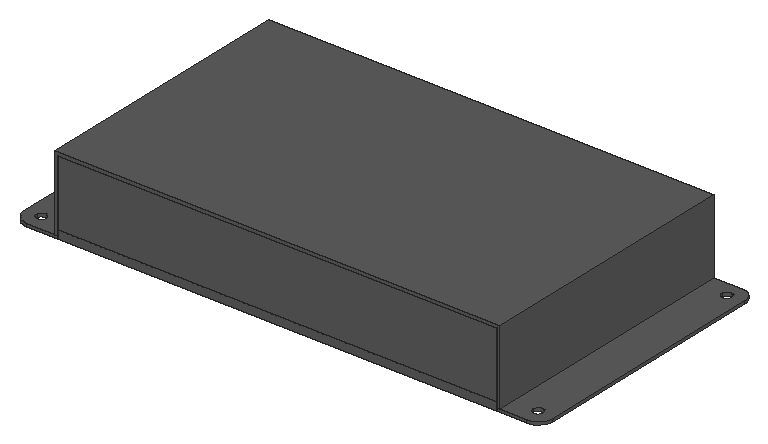
Revit family "Electronics_Amplifiers_Biamp_Tesira_4-Channel-PoE_AMP-450P__", category Communication Devices, host Face, Revit 2020
Family settings
  Host = Face
  Maintain Annotation Orientation = No
  Round Connector Dimension = Use Diameter
  Part Type = Normal
  OmniClass Number = 23.85.10.11.14.14.17
  OmniClass Title = Sound Amplifiers
  Cut with Voids When Loaded = Yes
  Shared = No
  Room Calculation Point = No
Parameters (values of type "AMP-450P")
  Width = 0' - 7 179/256"  # constant formula
  Weight = 1.50 lbf  # constant formula
  Voltage = 0 V
  URL = "https://www.biamp.com/"
  Temperature Range = "32 - 104° F (0 - 40° C)"  # constant formula
  THD+N = "20Hz-20kHz, at continuous power: < 0.3%"  # constant formula
  Product data url = "https://www.bimobject.com/biamp/product/tesira-amp-450p_amplifier"
  Product Page URL = "https://www.biamp.com/products/tesira-amplifiers#tesira-amp-450p"
  Product Documentation Link = "https://downloads.biamp.com/assets/docs/default-source/data-sheets/biamp_data_sheet_tesira_amp-450p.pdf"
  Power Factor = 1
  Offset Tesira [instance] = 0' - 0"
  Number of Poles = 1
  Number of Channels = "4"  # constant formula
  Network Connection = "RJ-45 with Ethernet cable (Cat 5e and above)"
  Model = "Tesira AMP-450P"
  Minimum Operational Load = "4 ohm"  # constant formula
  Max Power Consumption = 0 W
  Manufacturer = "Biamp"  # constant formula
  Intermodulation distortion = "SMPTE: <0.3%"  # constant formula
  Indicators = "Power Indicator  (Green/Yellow/Red LED) Amp Status Indicator (Green/Yellow/Red LED)"  # constant formula
  Humidity = "0-95% relative humidity (non-condensing)"  # constant formula
  Housing Material = Biamp - Metal - Black
  Height = 0' - 1 39/128"  # constant formula
  Frequency Response = "20Hz-20kHz: ± 1dB"  # constant formula
  Dynamic Range = "20Hz-20kHz BW: > 90dB"  # constant formula
  Description = "Tesira® AMP-450P 4-Channel PoE+ Conferencing Amplifier"
  Depth = 0' - 4 179/256"  # constant formula
  Default Elevation = 4' - 0"
  Cross Talk = "Channel to channel at 1kHz: < -90dB"  # constant formula
  Cooling = "Convection"  # constant formula
  Continuous Power Output = "Single Channel Driven 4 ohm, 8 ohm: 15W; Dual Channel Driven 4 ohm, 8 ohm: 7W; Four Channel Driven 4 ohm, 8 ohm: 3W"  # constant formula
  Connectors = "4-pin 5.08 mm Phoenix connectors"
  Connector Description = "RJ-45; PoE+ (IEEE 802.3at Class 4 , 30W)"  # constant formula
  Compliance = "FCC Part 15B (USA); UL and C-UL listed (USA and Canada); CE Marked (Europe); KCC (Korea); RoHS Directive (Europe); Evaluated to the requirements of UL 2043 and is suitable for use in air handling spaces"
  Burst Power Output = "4 ohm per channel: 50W per ANSI/CTA-2006-B at 1kHz; 8 ohm per channel: 30W per ANSI/CTA-2006-B at 1kHz"  # constant formula
  Assembly Code = ""
  Apparent Load = Max Power Consumption / Power Factor  # 0 VA
  Amplifier Topology = "Class D"  # constant formula
  Altitude = "0-10,000 ft (0-3000m) MSL"  # constant formula
Reference planes (in)
  plane 1 "Center (Front/Back)": y = 0
  plane 2: z = 0
  plane 3 "Center (Left/Right)": x = 0
  plane 4: x = -3.84961
  plane 5: x = 3.84961
  plane 6: y = 2.34961
  plane 7: y = -2.34961
  plane 8: z = 1.30469
  plane 9 "1": z = 0
Forms (in)
  Extrusion 1, solid, material "Biamp - Metal - Black" <- "Housing Material"
    sketch origin (0, 0, 0) x (1, 0, 0) y (0, 1, 0)
      loop
        line (-3.84961, 2.34961) -> (-3.84961, -2.34961) -> (3.84961, -2.34961) -> (3.84961, 2.34961) -> (-3.84961, 2.34961)
    from 0.14348 to 0
  Extrusion 2, solid, material "Biamp - Metal - Black" <- "Housing Material"
    sketch origin (0, 0, 0) x (1, 0, 0) y (0, 1, 0)
      loop
        line (3.84961, 2.34961) -> (-3.84961, 2.34961) -> (-3.84961, -2.34961) -> (3.84961, -2.34961) -> (3.84961, 2.34961)
    from 0.14348 to 1.30469
  Sweep 3, solid, material "Biamp - Metal - Black" <- "Housing Material"
    path origin (-3.84961, -2.34961, 0) x (1, 0, 0) y (0, 0, 1)
      loop
        line (0, 0.04593) -> (0, 1.30469) -> (7.69922, 1.30469) -> (7.69922, 0.04593)
    profile origin (-3.84961, -2.34961, 0.67531) x (-1, 0, 0) y (0, -1, 0)
      loop
        line (0, 0) -> (0, -4.7) -> (0.04977, -4.7) -> (0.04977, 0) -> (0, 0)
  Extrusion 4, solid, material "Biamp - Metal - Black" <- "Housing Material", detail levels coarse
    sketch origin (0, 0, 0) x (1, 0, 0) y (0, 1, 0)
      loop
        line (-3.84961, 2.34961) -> (-4.63521, 2.34961) -> (-4.63521, -2.34961) -> (-3.84961, -2.34961) -> (-3.84961, 2.34961)
      loop
        line (3.84961, 2.34961) -> (3.84961, -2.34961) -> (4.63521, -2.34961) -> (4.63521, 2.34961) -> (3.84961, 2.34961)
    from 0.04593 to 0
  Extrusion 5, solid, material "Biamp - Metal - Black" <- "Housing Material", detail levels medium+fine
    sketch origin (0, 0, 0) x (-1, 0, 0) y (0, -1, 0)
      loop
        line (3.84961, -2.34961) -> (4.38521, -2.34961)
        arc (4.38521, -2.34961) -> (4.56199, -2.27639) -> (4.63521, -2.09961) r 0.25
        line (4.63521, -2.09961) -> (4.63521, 2.09961)
        arc (4.63521, 2.09961) -> (4.56199, 2.27639) -> (4.38521, 2.34961) r 0.25
        line (4.38521, 2.34961) -> (3.84961, 2.34961) -> (3.84961, -2.34961)
      loop
        line (-3.84961, -2.34961) -> (-3.84961, 2.34961) -> (-4.38521, 2.34961)
        arc (-4.38521, 2.34961) -> (-4.56199, 2.27639) -> (-4.63521, 2.09961) r 0.25
        line (-4.63521, 2.09961) -> (-4.63521, -2.09961)
        arc (-4.63521, -2.09961) -> (-4.56199, -2.27639) -> (-4.38521, -2.34961) r 0.25
        line (-4.38521, -2.34961) -> (-3.84961, -2.34961)
      loop
        circle (-4.35396, -2.06836) r 0.08973
      loop
        circle (-4.35396, 2.06836) r 0.08973
      loop
        circle (4.35396, 2.06836) r 0.08973
      loop
        circle (4.35396, -2.06836) r 0.08973
    from 0.04593 to 0
  Extrusion 6, void
    sketch origin (3.84961, 2.34961, 0) x (-1, 0, 0) y (0, 0, 1)
      loop
        line (0.53328, 0.99122) -> (0.53328, 0.39529) -> (1.37703, 0.39529) -> (1.37703, 0.99122) -> (0.53328, 0.99122)
      loop
        line (4.28328, 0.39529) -> (5.28328, 0.39529) -> (5.28328, 0.69434) -> (4.28328, 0.69434) -> (4.28328, 0.39529)
      loop
        line (6.04891, 0.69434) -> (6.04891, 0.39529) -> (7.04891, 0.39529) -> (7.04891, 0.69434) -> (6.04891, 0.69434)
    from 0.03261 to -0.06845
Cuts and joins
  Extrusion 6 cuts Extrusion 2
Lines and regions (in)
  Masking region 1, detail levels medium+fine
    outline origin (0, 0, 0) x (1, 0, 0) y (0, 1, 0)
      loop
        arc (-4.38521, 2.34961) -> (-4.56199, 2.27639) -> (-4.63521, 2.09961) r 0.25
        line (-4.63521, 2.09961) -> (-4.63521, -2.09961)
        arc (-4.63521, -2.09961) -> (-4.56199, -2.27639) -> (-4.38521, -2.34961) r 0.25
        line (-4.38521, -2.34961) -> (4.38521, -2.34961)
        arc (4.38521, -2.34961) -> (4.56199, -2.27639) -> (4.63521, -2.09961) r 0.25
        line (4.63521, -2.09961) -> (4.63521, 2.09961)
        arc (4.63521, 2.09961) -> (4.56199, 2.27639) -> (4.38521, 2.34961) r 0.25
        line (4.38521, 2.34961) -> (-4.38521, 2.34961)
  Masking region 2, detail levels coarse
    outline origin (0, 0, 0) x (1, 0, 0) y (0, 1, 0)
      loop
        line (-4.63521, 2.35039) -> (-4.63521, -2.34961) -> (4.63521, -2.34961) -> (4.63521, 2.35039) -> (-4.63521, 2.35039)
  Masking region 3
    outline origin (-3.84961, -2.34961, 0) x (1, 0, 0) y (0, 0, 1)
      loop
        line (-0.7856, 0) -> (8.48482, 0) -> (8.48482, 0.04593) -> (7.74898, 0.04593) -> (7.74898, 1.35445) -> (-0.04977, 1.35445) -> (-0.04977, 0.04593) -> (-0.7856, 0.04593) -> (-0.7856, 0)
  symbolic lines
    curve 1: line (-3.84961, 2.34961, 0) -> (-3.84961, -2.34961, 0)
    curve 2: line (3.84961, 2.34961, 0) -> (3.84961, -2.34961, 0)
  symbolic lines, detail levels medium+fine
    curve 3: arc (-4.44369, 2.06836, 0) -> (-4.35396, 2.15809, 0) -> (-4.26424, 2.06836, 0) r 0.08973
    curve 4: arc (-4.26424, 2.06836, 0) -> (-4.35396, 1.97863, 0) -> (-4.44369, 2.06836, 0) r 0.08973
    curve 5: arc (-4.44369, -2.06836, 0) -> (-4.35396, -1.97863, 0) -> (-4.26424, -2.06836, 0) r 0.08973
    curve 6: arc (-4.26424, -2.06836, 0) -> (-4.35396, -2.15809, 0) -> (-4.44369, -2.06836, 0) r 0.08973
    curve 7: arc (4.26424, -2.06836, 0) -> (4.35396, -1.97863, 0) -> (4.44369, -2.06836, 0) r 0.08973
    curve 8: arc (4.44369, -2.06836, 0) -> (4.35396, -2.15809, 0) -> (4.26424, -2.06836, 0) r 0.08973
    curve 9: arc (4.26424, 2.06836, 0) -> (4.35396, 2.15809, 0) -> (4.44369, 2.06836, 0) r 0.08973
    curve 10: arc (4.44369, 2.06836, 0) -> (4.35396, 1.97863, 0) -> (4.26424, 2.06836, 0) r 0.08973
Dimensions and locks (in)
  equal spacing: plane 4, plane 3 "Center (Left/Right)", plane 5
  equal spacing: plane 6, plane 1 "Center (Front/Back)", plane 7
  "Width": plane 4 to plane 5
  "Depth": plane 6 to plane 7
  "Offset Tesira": plane 9 "1" to host face
  Extrusion 5 to Extrusion 5 = 0' - 0.04593"
  "Height": plane 9 "1" to plane 8
  locked: Extrusion 5 to Extrusion 5 at 0.04593  (x4)
  locked: Extrusion 1 to cut or joined group of Extrusion 2, Extrusion 6 at 0.14348
  aligned and locked: plane 2 to host face
  aligned and locked: level to host face
  aligned and locked: plane 9 "1" to Extrusion 5  (x6)
  aligned and locked: Extrusion 4 to Extrusion 5
  aligned and locked: plane 9 "1" to Extrusion 1  (x2)
  aligned and locked: cut or joined group of Extrusion 2, Extrusion 6 to Extrusion 1  (x2)
  aligned and locked: Extrusion 5 to Sweep 3 sketch curve  (x2)
  aligned and locked: Extrusion 4 to Extrusion 1
  aligned and locked: Extrusion 4 to Sweep 3
  aligned and locked: Sweep 3 to Extrusion 5
  aligned and locked: Extrusion 5 to Sweep 3
  aligned and locked: Extrusion 4 to plane 9 "1"
  aligned and locked: plane 9 "1" to Extrusion 4
  aligned and locked: plane 8 to Sweep 3 sketch curve
  aligned and locked: plane 8 to cut or joined group of Extrusion 2, Extrusion 6
Automatic sketch dimensions
  host sketch curve to host sketch curve = 8' - 0"  (x2)
  Extrusion 2 sketch curve to Extrusion 1 = 0' - 0"  (x4)
  profile plane to Sweep 3 sketch curve = 0' - 0"
  Sweep 3 sketch curve to profile plane = 0' - 0"
  Sweep 3 sketch curve to Sweep 3 sketch curve = 0' - 0.04977"
  Sweep 3 sketch curve to profile plane = 0' - 4.7"
  Extrusion 4 sketch curve to plane 6 = 0' - 0"  (x2)
  Extrusion 4 sketch curve to plane 7 = 0' - 0"  (x2)
  Extrusion 4 sketch curve to plane 4 = 0' - 0"
  Extrusion 4 sketch curve to plane 5 = 0' - 0"
  Extrusion 4 sketch curve to plane 4 = 0' - 0.7856"
  plane 5 to Extrusion 4 sketch curve = 0' - 0.7856"
  Extrusion 2 to Extrusion 6 sketch curve = 0' - 0.53328"
  Extrusion 2 to Extrusion 6 sketch curve = 0' - 0.2518"  (x3)
  Extrusion 6 sketch curve to Extrusion 6 sketch curve = 0' - 0 27/32"
  Extrusion 6 sketch curve to Extrusion 6 sketch curve = 0' - 1"  (x2)
  Extrusion 2 to Extrusion 6 sketch curve = 0' - 0.61034"  (x2)
  Extrusion 2 to Extrusion 6 sketch curve = 0' - 0.31347"
  Extrusion 1 sketch curve to plane 4 = 0' - 0"
  Extrusion 1 sketch curve to plane 5 = 0' - 0"
  Extrusion 1 sketch curve to plane 7 = 0' - 0"
  Extrusion 1 sketch curve to plane 6 = 0' - 0"
  Extrusion 5 sketch curve to plane 7 = 0' - 0"  (x2)
  Extrusion 5 sketch curve to plane 6 = 0' - 0"  (x2)
  Extrusion 5 sketch curve to plane 5 = 0' - 0"
  Extrusion 5 sketch curve to plane 4 = 0' - 0"
  plane 5 to Extrusion 5 sketch curve = 0' - 0.50435"  (x2)
  Extrusion 5 sketch curve to Extrusion 5 sketch curve = 0' - 0 1/32"  (x8)
  Extrusion 5 sketch curve to Extrusion 5 sketch curve = 0' - 0 1/4"
  Extrusion 5 sketch curve to plane 4 = 0' - 0.50435"  (x2)
  plane 7 to Extrusion 5 sketch curve = 0' - 0 1/4"
  Sweep 3 sketch curve to Extrusion 2 = 0' - 0"
  Extrusion 2 to Sweep 3 sketch curve = 0' - 0"
  curve 1 to plane 4 = 0' - 0"
  curve 2 to plane 5 = 0' - 0"
  curve 4 to plane 4 = 0' - 0.50435"
  curve 5 to plane 4 = 0' - 0.50435"
  plane 5 to curve 9 = 0' - 0.50435"
  plane 5 to curve 7 = 0' - 0.50435"
  curve 3 to curve 4 = 0' - 0.08973"
  curve 5 to curve 5 = 0' - 0.08973"
  curve 8 to curve 7 = 0' - 0.08973"
  curve 10 to curve 9 = 0' - 0.08973"
  plane 7 to curve 5 = 0' - 0 9/32"
  curve 4 to plane 6 = 0' - 0 9/32"
  curve 2 to plane 7 = 0' - 0"
  curve 1 to plane 7 = 0' - 0"
  curve 2 to plane 6 = 0' - 0"
  curve 1 to plane 6 = 0' - 0"
  curve 9 to plane 6 = 0' - 0 9/32"
  plane 7 to curve 8 = 0' - 0 9/32"
  Extrusion 6 sketch curve to Extrusion 6 sketch curve = 0' - 2 29/32"
  Extrusion 2 to Extrusion 6 sketch curve = 0' - 1.65031"
  Masking region 1 sketch curve to plane 6 = 0' - 0"  (x2)
  Masking region 1 sketch curve to plane 6 = 0' - 0 1/4"  (x2)
  plane 7 to Masking region 1 sketch curve = 0' - 0 1/4"  (x2)
  Masking region 1 sketch curve to plane 7 = 0' - 0"
  Masking region 1 sketch curve to plane 4 = 0' - 0.5356"  (x2)
  plane 5 to Masking region 1 sketch curve = 0' - 0.5356"
  plane 6 to Masking region 1 sketch curve = 0' - 0.00078"
  Masking region 1 sketch curve to Masking region 1 sketch curve = 0' - 0"
  Masking region 2 sketch curve to plane 7 = 0' - 0"
  Masking region 2 sketch curve to plane 4 = 0' - 0.7856"
  plane 5 to Masking region 2 sketch curve = 0' - 0.7856"
  plane 6 to Masking region 2 sketch curve = 0' - 0.00078"
  Masking region 3 sketch curve to Extrusion 2 = 0' - 0.09755"  (x2)
  Masking region 3 sketch curve to Extrusion 2 = 0' - 0.7856"
  Masking region 3 sketch curve to Extrusion 2 = 0' - 0.04977"  (x2)
  Extrusion 2 to Masking region 3 sketch curve = 0' - 0.04977"
  Masking region 3 sketch curve to Masking region 3 sketch curve = 0' - 0.73584"
  Masking region 3 sketch curve to Masking region 3 sketch curve = 0' - 0.04593"
  radius of Extrusion 5 sketch curve = 0' - 0.08973"  (x4)
Connectors (in)
  electrical at (2.89445, 2.28116, 0.69325), driven by "Connector Description", driven by "Power Factor", driven by "Apparent Load", driven by "Voltage", driven by "Number of Poles"
    settings: on cut or joined group of Extrusion 2, Extrusion 6, index 1, voltage 0 V, apparent load 0 VA, apparent load phase1 0 VA, apparent load phase2 0 VA, apparent load phase3 0 VA, power factor 1, load classification "Other", number of poles 1, system type 31, power factor state 1, is connector primary yes, connector utility no, sub classification motor no, connector description "RJ-45; PoE+ (IEEE 802.3at Class 4 , 30W)"
  electrical at (-0.93367, 2.28116, 0.54481)
    settings: on cut or joined group of Extrusion 2, Extrusion 6, index 2, voltage 0 V, apparent load 0 VA, apparent load phase1 0 VA, apparent load phase2 0 VA, apparent load phase3 0 VA, power factor 1, load classification "Other", number of poles 1, system type 5, power factor state 1, is connector primary no, connector utility no, sub classification motor no, connector description "Output 1,2; 4-pin Phoenix connectors"
  electrical at (-2.6993, 2.28116, 0.54481)
    settings: on cut or joined group of Extrusion 2, Extrusion 6, index 3, voltage 0 V, apparent load 0 VA, apparent load phase1 0 VA, apparent load phase2 0 VA, apparent load phase3 0 VA, power factor 1, load classification "Other", number of poles 1, system type 5, power factor state 1, is connector primary no, connector utility no, sub classification motor no, connector description "Output 3,4; 4-pin Phoenix connectors"
